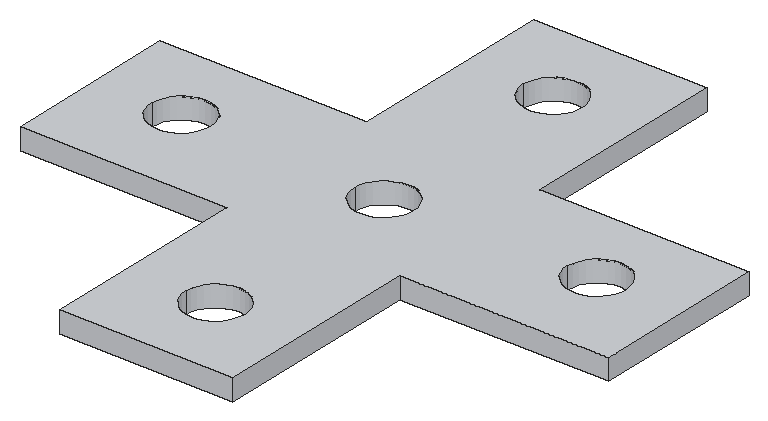
Revit family "MP55", category Generic Models, Revit 2017
Family settings
  Can host rebar = No
  Round Connector Dimension = Use Diameter
  Part Type = Normal
  Work Plane-Based = Yes
  Always vertical = No
  Cut with Voids When Loaded = No
  Shared = No
  Room Calculation Point = No
Parameters (values of type "NBS Standard Parameters")
  Weight = "0.431Kg"
  WarrantyStartDate [instance] = "1900-12-31T23:59:59"
  WarrantyGuarantorParts = "n/a"
  WarrantyGuarantorLabor = "n/a"
  WarrantyDurationUnit = "1 year"
  WarrantyDurationParts = "n/a"
  WarrantyDurationLabor = "n/a"
  WarrantyDescription = "n/a"
  Version = "1"
  Uniclass2 = "Pr_65_70_11_19"
  TagNumber [instance] = "n/a"
  SustainabilityPerformance = "n/a"
  Size = "n/a"
  Shape = "n/a"
  SerialNumber [instance] = "n/a"
  Revision = "n/a"
  ReplacementCost = "n/a"
  ProductInformation = "www.metpro.co.uk/pdf/mp55.pdf"
  NominalWidth = 139 mm
  NominalLength = 139 mm
  NominalHeight = 5 mm
  Name = ""
  NBSTypeID = ""
  NBSReference = "90-55-10/305"
  NBSOfficeMasterTag = ""
  NBSNote = ""
  NBSDescription = "Channel Cable Supports"
  NBSCertification = ""
  ModelReference = "MP55"
  ModelNumber = "n/a"
  Material = "Steel"
  ManufacturerURL = "www.metpro.co.uk"
  ManufacturerName = "Metpro Ltd"
  Keynote = "Compliant to LU Standard 1-085"
  InstallationDate [instance] = "1900-12-31T23:59:59"
  IfcExportType = ""
  IfcExportAs = ""
  Grade = "n/a"
  Finish = "Hot Dipped Galvanised"
  Features = "n/a"
  ExpectedLife = "n/a"
  DurationUnit = "year"
  Description = "MP55 - Flat Crossover  (4 way) Bracket"
  Default Elevation = 1219.2 mm
  Constituents = "n/a"
  Color = "n/a"
  CodePerformance = "n/a"
  Category = "n/a"
  BarCode [instance] = "n/a"
  BIMObjectName = "Metpro_metprolibrary_channelcablesupports_channelbracket"
  Author = "Metpro Ltd"
  AssetType = ""
  AssetIdentifier [instance] = "n/a"
  AccessibilityPerformance = "n/a"
Reference planes
  plane 1 "Center (Front/Back)": y = 0
  plane 2: z = 0
  plane 3 "Center (Left/Right)": x = 0
Forms (mm)
  Extrusion 1, solid
    sketch origin (536.06, -95.821, 47.036) x (0, 1, 0) y (-1, 0, 0)
      loop
        line (39.084, 27.224) -> (39.084, 76.224) -> (88.084, 76.224) -> (88.084, 116.724) -> (39.084, 116.724) -> (39.084, 165.224) -> (-1.916, 165.224) -> (-1.916, 116.724) -> (-50.916, 116.724) -> (-50.916, 76.224) -> (-1.916, 76.224) -> (-1.916, 27.224) -> (39.084, 27.224)
      loop
        circle (20, 145) r 7
      loop
        circle (68.084, 96.224) r 7
      loop
        circle (-30.916, 96.224) r 7
      loop
        circle (20, 47.449) r 7
      loop
        circle (18.584, 96.224) r 7
    from 0 to 5
Dimensions and locks
  aligned and locked: level to plane 2
